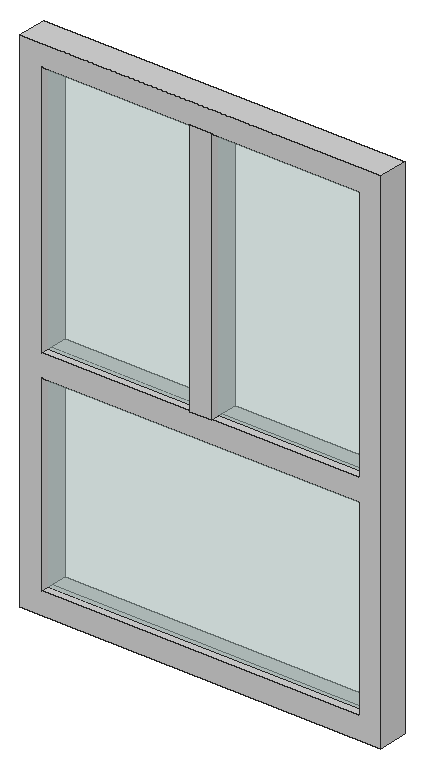
Revit family "CT_Jan_Ext_3Vid_A", category Windows, host Wall, Revit 2025
Family settings
  Host = Wall
  OmniClass Number = 23.30.20.00
  OmniClass Title = Windows
  Always vertical = Yes
  Cut with Voids When Loaded = No
  Shared = No
  Room Calculation Point = Yes
Parameters (values of type "JAN_125x177_FAC_3PA")
  Material_Vidro = CT_Vidros
  Material_Esquadria = CT_Esquadrias_Aluminio
  Height = 1.775 m
  Espess_Esquadria = 0.075 m
  Define Thermal Properties by = Schematic Type
  Default Sill Height = 0.800 m
  Wall Closure = By host
  Width = 1.250 m
  Analytic Construction = "<None>"
  Alt_Bandeira_Sup = 1.000 m
  Alt_Bandeira_Inf = 1.600 m
Reference planes (m)
  plane 1 "Center (Front/Back)": y = 0
  plane 2 "Center (Left/Right)": x = 0
  plane 3 "Left": x = -0.625
  plane 4 "Right": x = 0.625
  plane 5 "Sill": z = 0.8
  plane 6 "Head": z = 2.575
  plane 7 "Exterior": y = 0.05
  plane 8 "Interior": y = -0.05
  plane 9: z = 1.575
Forms (m)
  Extrusion 1, solid, material "CT_Esquadrias_Aluminio" <- "Material_Esquadria"
    sketch origin (0, 0.05, 0) x (1, 0, 0) y (0, 0, 1)
      loop
        line (0.625, 2.575) -> (-0.625, 2.575) -> (-0.625, 0.8) -> (0.625, 0.8) -> (0.625, 2.575)
      loop
        line (-0.55, 2.5) -> (-0.55, 1.6125) -> (0.55, 1.6125) -> (0.55, 2.5) -> (-0.55, 2.5)
      loop
        line (-0.55, 1.5375) -> (-0.55, 0.875) -> (0.55, 0.875) -> (0.55, 1.5375) -> (-0.55, 1.5375)
    from 0 to 0.1
  Extrusion 2, solid, material "CT_Vidros" <- "Material_Vidro"
    sketch origin (0, 0.05, 0) x (1, 0, 0) y (0, 0, 1)
      loop
        line (0.55, 2.5) -> (0.0375, 2.5) -> (0.0375, 1.6125) -> (0.55, 1.6125) -> (0.55, 2.5)
      loop
        line (-0.0375, 2.5) -> (-0.55, 2.5) -> (-0.55, 1.6125) -> (-0.0375, 1.6125) -> (-0.0375, 2.5)
      loop
        line (0.55, 1.5375) -> (-0.55, 1.5375) -> (-0.55, 0.875) -> (0.55, 0.875) -> (0.55, 1.5375)
    from 0.058589 to 0.074642
  Extrusion 3, solid, material "CT_Esquadrias_Aluminio" <- "Material_Esquadria"
    sketch origin (0, 0.05, 0) x (-1, 0, 0) y (0, 0, 1)
      loop
        line (-0.0375, 1.6125) -> (0.0375, 1.6125) -> (0.0375, 2.5) -> (-0.0375, 2.5) -> (-0.0375, 1.6125)
    from 0 to -0.1
Lines and regions (m)
  Opening 1
    outline origin (3.5, -0.05, 0) x (1, 0, 0) y (0, 0, 1)
      loop
        line (-2.875, 0.8) -> (-2.875, 2.575) -> (-4.125, 2.575) -> (-4.125, 0.8) -> (-2.875, 0.8)
Text (m)
  text "EXTERIOR" at (-1.963203, 1.332353, 0), in view "Ref. Level"
  text "INTERIOR" at (-1.981466, -0.818386, 0), in view "Ref. Level"
  text "Exterior" at (0, 0.923751, 2.943296), in view "Right"
  text "Exterior" at (0, 1.040484, 2.685409), in view "Left"
Dimensions and locks (m)
  equal spacing: plane 3 "Left", plane 2 "Center (Left/Right)", plane 4 "Right"
  "Width": plane 3 "Left" to plane 4 "Right"
  "Height": plane 5 "Sill" to plane 6 "Head"
  "Default Sill Height": plane 5 "Sill" to level
  locked: plane 7 "Exterior" to host wall
  locked: plane 8 "Interior" to host wall
  "Alt_Bandeira_Sup": plane 9 to plane 6 "Head"
  Extrusion 1 to Extrusion 1 = 0.075 m
  Extrusion 1 sketch curve to plane 9 = 0.0375 m
  Extrusion 1 sketch curve to Extrusion 1 sketch curve = 0.075 m  (x2)
  "Espess_Esquadria": Extrusion 1 sketch curve to Extrusion 1 sketch curve  (x3)
  locked: Extrusion 1 to Extrusion 2 at 0.025358
  locked: Extrusion 2 to Extrusion 2 at 0.016053
  locked: Extrusion 3 to Extrusion 3 at 0.1
  aligned and locked: plane 8 "Interior" to Extrusion 1
  aligned and locked: Extrusion 1 to plane 7 "Exterior"
  aligned and locked: plane 3 "Left" to Extrusion 1
  aligned and locked: Extrusion 1 to plane 4 "Right"
  aligned and locked: Extrusion 1 sketch curve to Extrusion 1 sketch curve  (x2)
  aligned and locked: Extrusion 1 to Extrusion 2 sketch curve  (x4)
  aligned and locked: Extrusion 2 sketch curve to Extrusion 1  (x4)
  aligned and locked: Extrusion 1 sketch curve to plane 5 "Sill"
  aligned and locked: Extrusion 3 sketch curve to Extrusion 2  (x2)
  aligned and locked: Extrusion 1 to Extrusion 3 sketch curve
  aligned and locked: Extrusion 3 sketch curve to Extrusion 1
  aligned and locked: Extrusion 1 to Extrusion 3
  aligned and locked: Extrusion 3 to Extrusion 1  (x2)
Automatic sketch dimensions
  plane 3 "Left" to Opening 1 sketch curve = 0.000 m
  Opening 1 sketch curve to plane 4 "Right" = 0.000 m
  Opening 1 sketch curve to plane 5 "Sill" = 0.000 m
  Opening 1 sketch curve to plane 6 "Head" = 0.000 m
  plane 2 "Center (Left/Right)" to Extrusion 2 sketch curve = 0.0375 m
  Extrusion 2 sketch curve to plane 2 "Center (Left/Right)" = 0.0375 m
  plane 9 to Extrusion 2 sketch curve = 0.0375 m
  Extrusion 2 sketch curve to Extrusion 2 sketch curve = 0.000 m
  plane 3 "Left" to Extrusion 1 sketch curve = 0.000 m
  plane 4 "Right" to Extrusion 1 sketch curve = 0.000 m
  Extrusion 1 sketch curve to plane 6 "Head" = 0.000 m
  Extrusion 1 sketch curve to plane 9 = 0.0375 m
  plane 9 to Extrusion 1 sketch curve = 0.0375 m
  plane 6 "Head" to Extrusion 1 sketch curve = 0.075 m
